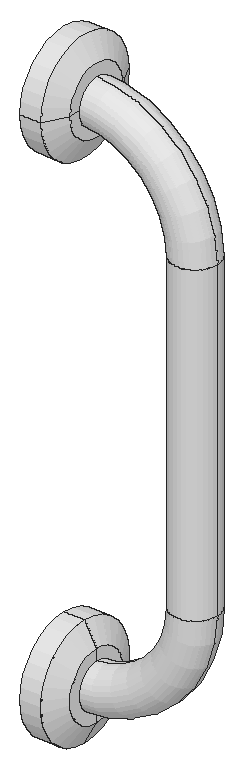
Revit family "NS-T7070（400,600,800）（多用途I型てすり）", category 一般モデル, Revit 2015
Parameters (values of type "NS-T400")
  笠木色R2 = 笠木No.00ホワイト
  笠木色R1 = 笠木No.00ホワイト
  笠木色2 = 笠木No.00ホワイト
  笠木色1 = 笠木No.00ホワイト
  N_製造元 = "ナカ工業株式会社"  # constant formula
  N_手すり径 = 34 mm  # constant formula
  N_形式② = ""
  N_形式① = "NS-T400"
  N_品名 = "補助手すり　愛の手NS"  # constant formula
  N_仕様① = "●手すり本体（笠木φ34）　表面材：半硬質樹脂（抗菌剤入り）+軟質樹脂二層成形　芯材：ステンレス鋼管φ27.2x1.5t（木目調色はウッドパウダーを混合）　●ブラケットカバー　樹脂成形品・笠木同色仕上　●固定座金　ステンレス"  # constant formula
  N_L1 = 400 mm
  N_D1 = if(D1 > 300 mm, 300 mm, D1)  # 100 mm
  D1 = 100 mm
  BKカバー = 笠木No.00ホワイト
Types (6, lengths in mm): name | 笠木色R2 | 笠木色R1 | 笠木色2 | 笠木色1 | N_形式① | N_L1 | BKカバー
  NS-T400 | 笠木No.00ホワイト | 笠木No.00ホワイト | 笠木No.00ホワイト | 笠木No.00ホワイト | "NS-T400" | 400 | 笠木No.00ホワイト
  NS-T600 | 笠木No.00ホワイト | 笠木No.00ホワイト | 笠木No.00ホワイト | 笠木No.00ホワイト | "NS-T600" | 600 | 笠木No.00ホワイト
  NS-T800 | 笠木No.00ホワイト | 笠木No.00ホワイト | 笠木No.00ホワイト | 笠木No.00ホワイト | "NS-T800" | 800 | 笠木No.00ホワイト
  NS-T400-M | 笠木No.73バーチ(R2) | 笠木No.73バーチ(R1) | 笠木No.73バーチ(2) | 笠木No.73バーチ(1) | "NS-T400" | 400 | 笠木No.73バーチ BKcover
  NS-T600-M | 笠木No.73バーチ(R2) | 笠木No.73バーチ(R1) | 笠木No.73バーチ(2) | 笠木No.73バーチ(1) | "NS-T600" | 600 | 笠木No.73バーチ BKcover
  NS-T800-M | 笠木No.73バーチ(R2) | 笠木No.73バーチ(R1) | 笠木No.73バーチ(2) | 笠木No.73バーチ(1) | "NS-T800" | 800 | 笠木No.73バーチ BKcover
Reference planes
  plane 1 "中心(正面/背面)": y = 0
  plane 2: z = 0
  plane 3 "中心(左/右)": x = 0
Dimensions and locks
  aligned and locked: level to plane 2
  aligned and locked: plane 1 "中心(正面/背面)" to nested 1
  aligned and locked: plane 3 "中心(左/右)" to nested 1
Nested families
  nested 1: "N_NS-T7070" at (0, 0, 0), type "N_NS-T7070"
    with 押出長2 -84.2 mm, N_D1 100 mm, D1 100 mm
Definition of nested family "N_NS-T7070"
  Parameters (values of type "N_NS-T7070")
    笠木色R2 = none
    笠木色R1 = none
    笠木色2 = none
    笠木色1 = none
    押出長2 = -(N_D1 - 15.8 mm)  # -134.2 mm
    押出長 = N_L1 - 103.4 mm  # 296.6 mm
    カバー色 = none
    N_L1 = 400 mm
    N_D1 = 150 mm
    D1 = if(N_D1 > 300 mm, 300 mm, N_D1)  # 150 mm
  Reference planes
    plane 1 "中心(正面/背面)": y = 0
    plane 2: z = 0
    plane 3 "中心(左/右)": x = 0
    plane 4: z = 400
    plane 5: z = 320
    plane 6: x = 150
    plane 7: x = 70
    plane 8: z = 80
    plane 9: z = 400
  Forms (mm)
    Revolve 1, solid, material <- "カバー色"
      sketch origin (-186.894, -1524, 400) x (-1, 0, 0) y (0, -1, 0)
        loop
          line (-186.894, -1524) -> (-186.894, -1482) -> (-202.694, -1482) -> (-211.694, -1498.5) -> (-211.694, -1524) -> (-186.894, -1524)
        axis (-186.894, -1524) -> (-211.694, -1524)
      angle from 0 to 360
    Revolve 2, solid, material <- "カバー色"
      sketch origin (0, 0, 0) x (1, 0, 0) y (0, 0, 1)
        loop
          line (24.8, -25.486) -> (24.8, 0) -> (0, 0) -> (0, -41.986) -> (15.8, -41.986) -> (24.8, -25.486)
        axis (0, 0) -> (24.8, 0)
      angle from 0 to 360
    Sweep 3, solid, material <- "笠木色R1"
      path origin (0, 0, 0) x (1, 0, 0) y (0, 0, 1)
        loop
          arc (150, 320) -> (126.569, 376.569) -> (70, 400) r 80
      profile origin (126.569, 0, 376.569) x (-0.707107, 0, -0.707107) y (0, -1, 0)
        loop
          circle (0, 0) r 16.991
    Extrusion 4, solid, material <- "笠木色1"
      sketch origin (-89.319, -1524, 23.4) x (-1, 0, 0) y (0, -1, 0)
        loop
          circle (-239.319, -1524) r 16.991
      from 56.6 to 296.6 <- "押出長"
    Extrusion 5, solid, material <- "笠木色2"
      sketch origin (150, -1524, 830.429) x (0, 0, 1) y (0, -1, 0)
        loop
          circle (-430.429, -1524) r 17
      from -134.2 <- "押出長2" to -80
    Extrusion 6, solid, material <- "笠木色2"
      sketch origin (150, -1524, 430.429) x (0, 0, 1) y (0, -1, 0)
        loop
          circle (-430.429, -1524) r 17
      from -134.2 <- "押出長2" to -80
    Sweep 7, solid, material <- "笠木色R2"
      path origin (0, 0, 0) x (1, 0, 0) y (0, 0, 1)
        loop
          arc (150, 80) -> (126.569, 23.431) -> (70, 0) r 80
      profile origin (126.569, 0, 23.431) x (0.707107, 0, -0.707107) y (0, -1, 0)
        loop
          circle (0, 0) r 17
  Cuts and joins
    joined: Revolve 1, Revolve 2
  Dimensions and locks
    locked: plane 5 to plane 4 at 80
    "D1": plane 6 to plane 3 "中心(左/右)"
    "N_L1": plane 4 to level
    locked: plane 6 to plane 7 at 80
    locked: plane 8 to level at 80
    aligned and locked: level to plane 2
    aligned and locked: plane 1 "中心(正面/背面)" to Revolve 1 sketch curve
    aligned and locked: Revolve 2 sketch curve to plane 2
    aligned and locked: Extrusion 5 to Sweep 3
    aligned and locked: Extrusion 5 to cut or joined group of Revolve 1, Revolve 2
    aligned and locked: Extrusion 4 to plane 8
    aligned and locked: Extrusion 6 to Sweep 7
  Automatic sketch dimensions
    plane 1 "中心(正面/背面)" to Revolve 1 sketch curve = 0 mm
    Revolve 1 sketch curve to plane 3 "中心(左/右)" = 0 mm
    plane 3 "中心(左/右)" to Revolve 1 sketch curve = 15.8 mm
    plane 3 "中心(左/右)" to Revolve 1 sketch curve = 24.8 mm
    plane 1 "中心(正面/背面)" to Revolve 1 sketch curve = 25.5 mm
    Revolve 1 sketch curve to Revolve 1 sketch curve = 16.5 mm
    plane 6 to Revolve 1 sketch curve = 16.991 mm
    Revolve 1 sketch curve to Revolve 1 sketch curve = 50 mm
    Revolve 2 sketch curve to level = 0 mm
    Revolve 2 sketch curve to plane 3 "中心(左/右)" = 0 mm
    Revolve 2 sketch curve to Revolve 2 sketch curve = 15.8 mm
    Revolve 2 sketch curve to Revolve 2 sketch curve = 9 mm
    Revolve 2 sketch curve to level = 25.486 mm
    Revolve 2 sketch curve to Revolve 2 sketch curve = 16.5 mm
    Revolve 2 sketch curve to plane 3 "中心(左/右)" = 27.516 mm
    Revolve 2 sketch curve to Revolve 2 sketch curve = 20.63 mm
    Sweep 3 sketch curve to plane 4 = 0 mm
    Sweep 3 sketch curve to plane 7 = 0 mm
    Sweep 3 sketch curve to plane 5 = 0 mm
    plane 1 "中心(正面/背面)" to Sweep 3 sketch curve = 0 mm
    Sweep 3 sketch curve to profile plane = 0 mm
    plane 1 "中心(正面/背面)" to Extrusion 4 sketch curve = 0 mm
    Extrusion 4 sketch curve to plane 6 = 0 mm
    Extrusion 5 sketch curve to plane 1 "中心(正面/背面)" = 0 mm
    Extrusion 5 sketch curve to plane 4 = 0 mm
    Extrusion 6 sketch curve to level = 0 mm
    Extrusion 6 sketch curve to plane 1 "中心(正面/背面)" = 0 mm
    Sweep 7 sketch curve to level = 0 mm
    Sweep 7 sketch curve to plane 8 = 0 mm
    Sweep 7 sketch curve to plane 6 = 0 mm
    Sweep 7 sketch curve to plane 1 "中心(正面/背面)" = 0 mm
    Sweep 7 sketch curve to profile plane = 0 mm
    radius of Sweep 3 sketch curve = 16.991 mm
    radius of Extrusion 4 sketch curve = 16.991 mm
    radius of Extrusion 5 sketch curve = 17 mm
    radius of Extrusion 6 sketch curve = 17 mm
    radius of Sweep 7 sketch curve = 17 mm
